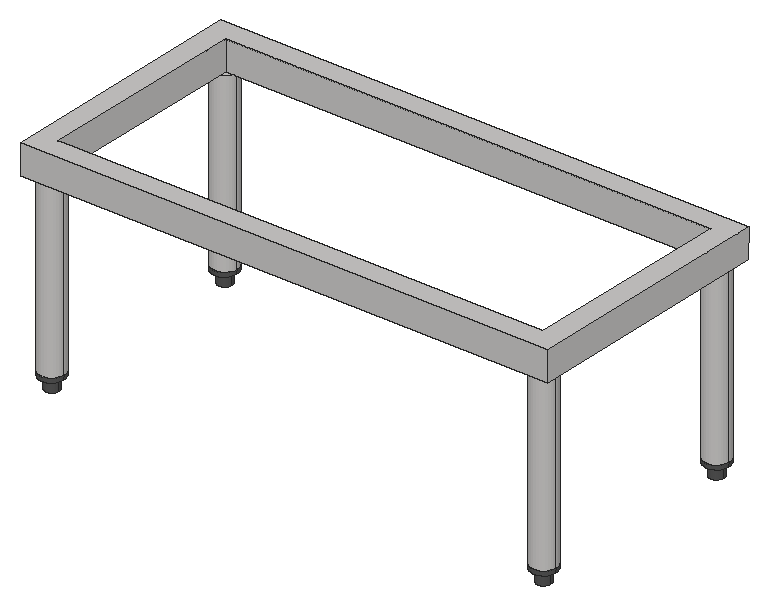
Revit family "QF_CAPIC_CELTIC_W383014", category Equipement spécialisé, Revit 2018
Family settings
  Cote de connecteur circulaire = Utiliser le diamètre
  Type d'élément = Normal
  Numéro OmniClass = 23.40.40.14
  Titre OmniClass = Food Service Equipment
  Basée sur le plan de construction = Non
  Toujours verticalement = Oui
  Couper avec des vides une fois chargée = Non
  Partagée = Non
  Point de calcul de pièce = Non
Parameters (values of type "L=1500mm")
  URL catalogue = "http://www.capic-fr.com/fr/"
  Type de Raccord Plomberie [instance] = ""
  Type de Raccord Electrique [instance] = ""
  Type de Gaz = ""
  Type article [instance] = ""
  Tension = 0 V
  Spécification du Fabricant = ""
  Show Logo = yes
  Remarques evacuation [instance] = ""
  Remarques Plomberie [instance] = ""
  Remarques Electricité [instance] = ""
  Puissance électrique  = 0 W
  Puissance Gaz kW = 0
  Profondeur hors tout = 715 mm
  Pression Maximum Eau Adoucie = 0.0 Pa
  Poids net à vide = 90.00 kg
  Phase = 0
  Modèle = "W383014"
  Longueur hors tout = 1500 mm
  Intensité nominale = 0 A
  Hauteur hors tout = 630 mm
  Hauteur de Raccordement du Sol Finis = 0 mm
  Hauteur de Raccordement Gaz du Sol Finis = 0 mm
  Hauteur de Raccordement Evacuation Directe du Sol Finis = 0 mm
  Hauteur de Raccordement Eau Froide du Sol Finis = 0 mm
  Hauteur de Raccordement Eau Chaude du Sol Finis = 0 mm
  Hauteur de Raccordement Eau Adoucie du Sol Finis = 0 mm
  Fréquence = 0 Hz
  Fabricant = "CAPIC"
  Débit d'air d'extraction = 0.0 m³/h
  Débit Gaz = 0.0 L/s
  Débit Eau Froide = 0.0 L/s
  Débit Eau Chaude = 0.0 L/s
  Débit Eau Adoucie = 0.0 L/s
  Diamètre de Raccordement Gaz = 0 mm
  Diamètre de Raccordement Evacuation = 0 mm
  Diamètre de Raccordement Eau Froide = 0 mm
  Diamètre de Raccordement Eau Chaude = 0 mm
  Diamètre de Raccordement Eau Adoucie = 0 mm
  Description = "Pietement tubes ronds"
  Assembly Code = ""
  Classification  Omniclass nombre et titre = "23.40.40.14"
Reference planes
  plane 1 "Centre (avant/arrière)": y = 0
  plane 2: z = 0
  plane 3 "Centre (gauche/droite)": x = 0
  plane 4 "Centre G/E": y = 0
  plane 5: y = -838
  plane 6: z = 630
  plane 7: y = -123
  plane 8: x = 1500
  plane 9: z = 546
  plane 10: y = -173
  plane 11: y = -788
  plane 12: x = 50
  plane 13: x = 1450
  plane 14: z = 46
Forms (mm)
  Extrusion 1, solid, material "QF_Stainless Steel-Brushed"
    sketch origin (4267.2, -1071.386, 630) x (0, -1, 0) y (1, 0, 0)
      loop
        line (-948.386, -4267.2) -> (-233.386, -4267.2) -> (-233.386, -2767.2) -> (-948.386, -2767.2) -> (-948.386, -4267.2)
      loop
        line (-888.386, -2827.2) -> (-888.386, -4207.2) -> (-293.386, -4207.2) -> (-293.386, -2827.2) -> (-888.386, -2827.2)
    from 0 to -84
  Extrusion 2, solid, material "QF_Stainless Steel-Brushed"
    sketch origin (0, 0, 0) x (1, 0, 0) y (0, 1, 0)
      loop
        circle (50, -173) r 35
    from 46 to 546
  Revolve 3, solid, material "QF_Plastic-Black"
    sketch origin (-199.347, -173, 4000) x (-1, 0, 0) y (0, 0, 1)
      loop
        line (-284.347, -3954) -> (-284.347, -3966) -> (-269.347, -3966) -> (-269.347, -4000) -> (-249.347, -4000) -> (-249.347, -3954) -> (-284.347, -3954)
      axis (-249.347, -4000) -> (-249.347, -3954)
    angle from 0 to 360
  Extrusion 4, solid, material "QF_Stainless Steel-Brushed"
    sketch origin (220, 0, 0) x (1, 0, 0) y (0, 1, 0)
      loop
        circle (1230, -173) r 35
    from 46 to 546
  Revolve 5, solid, material "QF_Plastic-Black"
    sketch origin (160.653, -173, 4000) x (-1, 0, 0) y (0, 0, 1)
      loop
        line (-1324.347, -3954) -> (-1324.347, -3966) -> (-1309.347, -3966) -> (-1309.347, -4000) -> (-1289.347, -4000) -> (-1289.347, -3954) -> (-1324.347, -3954)
      axis (-1289.347, -4000) -> (-1289.347, -3954)
    angle from 0 to 360
  Extrusion 6, solid, material "QF_Stainless Steel-Brushed"
    sketch origin (0, -615, 0) x (1, 0, 0) y (0, 1, 0)
      loop
        circle (50, -173) r 35
    from 46 to 546
  Revolve 7, solid, material "QF_Plastic-Black"
    sketch origin (-133.843, -788, 4000) x (-1, 0, 0) y (0, 0, 1)
      loop
        line (-218.843, -3954) -> (-218.843, -3966) -> (-203.843, -3966) -> (-203.843, -4000) -> (-183.843, -4000) -> (-183.843, -3954) -> (-218.843, -3954)
      axis (-183.843, -4000) -> (-183.843, -3954)
    angle from 0 to 360
  Extrusion 8, solid, material "QF_Stainless Steel-Brushed"
    sketch origin (230, -615, 0) x (1, 0, 0) y (0, 1, 0)
      loop
        circle (1220, -173) r 35
    from 46 to 546
  Revolve 9, solid, material "QF_Plastic-Black"
    sketch origin (-133.843, -788, 4000) x (-1, 0, 0) y (0, 0, 1)
      loop
        line (-1618.843, -3954) -> (-1618.843, -3966) -> (-1603.843, -3966) -> (-1603.843, -4000) -> (-1583.843, -4000) -> (-1583.843, -3954) -> (-1618.843, -3954)
      axis (-1583.843, -4000) -> (-1583.843, -3954)
    angle from 0 to 360
Dimensions and locks
  locked: plane 7 to Extrusion 1 sketch curve at 60
  locked: Extrusion 1 sketch curve to plane 5 at 60
  locked: plane 3 "Centre (gauche/droite)" to Extrusion 1 sketch curve at 60
  locked: Extrusion 1 sketch curve to plane 8 at 60
  "Longueur hors tout": plane 3 "Centre (gauche/droite)" to plane 8
  "Hauteur hors tout": plane 6 to level
  locked: plane 6 to plane 9 at 84
  locked: plane 7 to plane 10 at 50
  locked: plane 11 to plane 5 at 50
  locked: plane 3 "Centre (gauche/droite)" to plane 12 at 50
  locked: plane 13 to plane 8 at 50
  locked: plane 9 to plane 14 at 500
  locked: Revolve 3 sketch curve to plane 12 at 35
  locked: plane 14 to Revolve 3 sketch curve at 12
  locked: Revolve 3 sketch curve to plane 12 at 20
  Revolve 5 sketch curve to Revolve 5 sketch curve to plane 13 = 15 mm locked, 20 mm locked
  "Profondeur hors tout": plane 7 to plane 5
  locked: plane 14 to Revolve 5 sketch curve at 12
  locked: Revolve 7 sketch curve to plane 12 at 20
  locked: Revolve 7 sketch curve to plane 12 at 35
  locked: Revolve 3 to plane 14 at 12
  locked: plane 14 to Revolve 5 at 12
  locked: Revolve 9 sketch curve to plane 13 at 20
  locked: Revolve 9 sketch curve to plane 13 at 35
  aligned and locked: level to plane 2
  aligned and locked: Extrusion 1 sketch curve to plane 7
  aligned and locked: plane 3 "Centre (gauche/droite)" to Extrusion 1 sketch curve
  aligned and locked: plane 5 to Extrusion 1 sketch curve
  aligned and locked: Extrusion 1 sketch curve to plane 8
  aligned and locked: Extrusion 1 to plane 9
  aligned and locked: plane 6 to Extrusion 1
  aligned and locked: plane 9 to Extrusion 2
  aligned and locked: Extrusion 2 to plane 14
  aligned and locked: plane 12 to Extrusion 2 sketch curve
  aligned and locked: plane 10 to Extrusion 2 sketch curve
  aligned and locked: level to Revolve 3 sketch curve
  aligned and locked: plane 12 to Revolve 3 sketch curve
  aligned and locked: Revolve 3 sketch curve to plane 14
  aligned and locked: plane 13 to Extrusion 4 sketch curve
  aligned and locked: Extrusion 4 sketch curve to plane 10
  aligned and locked: plane 13 to Revolve 5 sketch curve  (x2)
  aligned and locked: level to Revolve 5 sketch curve
  aligned and locked: plane 14 to Revolve 5 sketch curve
  aligned and locked: plane 12 to Extrusion 6 sketch curve
  aligned and locked: plane 11 to Extrusion 6 sketch curve
  aligned and locked: plane 9 to Extrusion 6
  aligned and locked: Extrusion 6 to plane 14
  aligned and locked: plane 14 to Revolve 7 sketch curve
  aligned and locked: Revolve 7 sketch curve to level
  aligned and locked: plane 9 to Extrusion 4
  aligned and locked: Extrusion 4 to plane 14
  aligned and locked: plane 13 to Extrusion 8 sketch curve
  aligned and locked: Extrusion 8 sketch curve to plane 11
  aligned and locked: Revolve 3 to plane 14
  aligned and locked: Extrusion 8 to Extrusion 1
  aligned and locked: plane 14 to Revolve 9 sketch curve
  aligned and locked: level to Revolve 9 sketch curve
  aligned and locked: plane 14 to Extrusion 8
Automatic sketch dimensions
  Revolve 3 sketch curve to plane 12 = 0 mm
  Revolve 3 sketch curve to level = 0 mm
  Revolve 3 sketch curve to plane 14 = 0 mm
  Revolve 5 sketch curve to level = 0 mm
  Revolve 5 sketch curve to plane 14 = 0 mm
  Revolve 9 sketch curve to plane 13 = 0 mm  (x2)
  Revolve 9 sketch curve to plane 14 = 12 mm
  Revolve 9 sketch curve to level = 88.15 mm
  Revolve 9 sketch curve to Revolve 9 sketch curve = 37 mm
  Revolve 7 sketch curve to plane 12 = 0 mm  (x2)
  Revolve 7 sketch curve to plane 14 = 12 mm
  Revolve 7 sketch curve to level = 25 mm
  Revolve 7 sketch curve to Revolve 7 sketch curve = 12 mm
  radius of Extrusion 2 sketch curve = 35 mm
  radius of Extrusion 4 sketch curve = 35 mm
  radius of Extrusion 6 sketch curve = 35 mm
  radius of Extrusion 8 sketch curve = 35 mm
